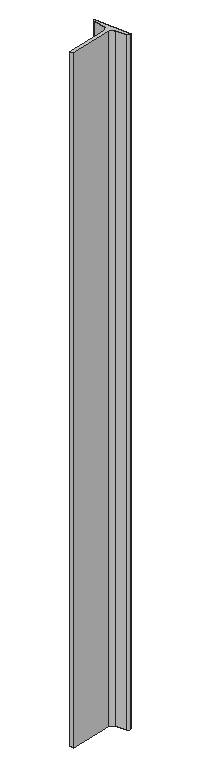
Revit family "9a54da1c4be64ddfbfeb810617ebdb69", category Structural Columns, Revit 2021
Family settings
  Section Shape = I-split Sloped Flange
  Material for Model Behavior = Steel
  Always export as geometry = No
  Beam cutback in plan = From bounding box
  Family Name Key = ST Shapes-Column
  Code Name = AISC 14.1
  OmniClass Number = 23.25.30.11.14.11
  OmniClass Title = Columns
  Seek Item ID = ST-Shapes-Column-0000-USA-ENU
  Cut with Voids When Loaded = No
  Symbolic Representation = From Project Settings
  Shared = No
  Show family pre-cut in plan views = Yes
Parameters (values of type "ST9X35")
  Width = 0' - 6 1/4"
  Web Thickness = 0.71100"
  Web Fillet = 0.69100"
  Warping Constant = 7.03000 in⁶
  Torsional Moment of Inertia = 2.0200 in⁴
  Structural Material [instance] = Steel ASTM A992
  Sloped Flange Angle = 9.46234°
  Section Name Key = ""
  Section Area = 10.30 in²
  Plastic Modulus weak axis = 7.170 in³
  Plastic Modulus strong axis = 25.100 in³
  Nominal Weight = 35.00 lbf/ft
  Moment of Inertia weak axis = 12.0000 in⁴
  Moment of Inertia strong axis = 84.5000 in⁴
  Height = 0' - 9"
  Flange Thickness Location = 1.38475"
  Flange Thickness = 0.69100"
  Flange Fillet = 0.34550"
  Elastic Modulus weak axis = 3.840 in³
  Elastic Modulus strong axis = 14.000 in³
  Centroid Vertical = 0' - 6.06"
  Centroid Horizontal = Width / 2  # 3.12500"
  Bolt Spacing = 0' - 3 1/2"
Types (3): name | Width | Web Thickness | Web Fillet | Warping Constant | Torsional Moment of Inertia | Section Area | Plastic Modulus weak axis | Plastic Modulus strong axis | Nominal Weight | Moment of Inertia weak axis | Moment of Inertia strong axis | Height | Flange Thickness Location | Flange Thickness | Flange Fillet | Elastic Modulus weak axis | Elastic Modulus strong axis | Centroid Vertical | Centroid Horizontal | Bolt Spacing
  (no name) | 0' - 6 1/4" | 0.71100" | 0.69100" | 0.000002354 (stored number, unit not read) | 2.0200 in⁴ | 10.30 in² | 7.170 in³ | 25.100 in³ | 35.00 lbf/ft | 12.0000 in⁴ | 84.5000 in⁴ | 0' - 9" | 1.38475" | 0.69100" | 0.34550" | 3.840 in³ | 14.000 in³ | 0' - 6.06" | 3.12500" | 0' - 3 1/2"
  ST9X35 | 0' - 6 1/4" | 0.71100" | 0.69100" | 7.03000 in⁶ | 2.0200 in⁴ | 10.30 in² | 7.170 in³ | 25.100 in³ | 35.00 lbf/ft | 12.0000 in⁴ | 84.5000 in⁴ | 0' - 9" | 1.38475" | 0.69100" | 0.34550" | 3.840 in³ | 14.000 in³ | 0' - 6.06" | 3.12500" | 0' - 3 1/2"
  ST12X50 | 0' - 7 1/4" | 0.74500" | 0.87000" | 19.50000 in⁶ | 3.7600 in⁴ | 14.70 in² | 12.000 in³ | 47.500 in³ | 50.00 lbf/ft | 23.7000 in⁴ | 215.0000 in⁴ | 1' - 0" | 1.62625" | 0.87000" | 0.43500" | 6.550 in³ | 26.300 in³ | 0' - 8.16" | 3.62500" | 0' - 4"
Reference planes (in)
  plane 1 "Center (Front/Back)": y = 0
  plane 2: z = 0
  plane 3 "Center (Left/Right)": x = 0
  plane 4 "Left": x = -3.125
  plane 5 "Right": x = 3.125
  plane 6 "Back": y = 2.94
  plane 7 "Front": y = -6.06
Forms (in)
  Sweep 1, solid, material "Steel ASTM A992" <- "Structural Material", detail levels fine
    path origin (0, 0, 0) x (1, 0, 0) y (0, 0, 1)
      loop
        line (0, 0) -> (0, 108)
    profile "ST-Shape-Profile-Fine : ST-Shape-Profile-Fine" origin (0, 0, 54) x (-1, 0, 0) y (0, -1, 0)
      loop
        line (-3.125, -2.77247) -> (-3.125, -2.94) -> (3.125, -2.94) -> (3.125, -2.77247)
        arc (3.125, -2.77247) -> (3.04312, -2.54915) -> (2.8363, -2.43168) r 0.3455
        line (2.8363, -2.43168) -> (1.74025, -2.249) -> (0.9329, -2.11444)
        arc (0.9329, -2.11444) -> (0.51925, -1.87949) -> (0.3555, -1.43284) r 0.691
        line (0.3555, -1.43284) -> (0.3555, 6.06) -> (-0.3555, 6.06) -> (-0.3555, -1.43284)
        arc (-0.3555, -1.43284) -> (-0.51925, -1.87949) -> (-0.9329, -2.11444) r 0.691
        line (-0.9329, -2.11444) -> (-1.74025, -2.249) -> (-2.8363, -2.43168)
        arc (-2.8363, -2.43168) -> (-3.04312, -2.54915) -> (-3.125, -2.77247) r 0.3455
  Sweep 2, solid, material "Steel ASTM A992" <- "Structural Material", detail levels medium
    path origin (0, 0, 0) x (1, 0, 0) y (0, 0, 1)
      loop
        line (0, 0) -> (0, 108)
    profile "ST-Shape-Profile-Medium : ST-Shape-Profile-Medium" origin (0, 0, 54) x (-1, 0, 0) y (0, -1, 0)
      loop
        line (-3.125, -2.47979) -> (-3.125, -2.94) -> (3.125, -2.94) -> (3.125, -2.47979) -> (1.74025, -2.249) -> (0.3555, -2.01821) -> (0.3555, 6.06) -> (-0.3555, 6.06) -> (-0.3555, -2.01821) -> (-1.74025, -2.249) -> (-3.125, -2.47979)
Lines and regions (in)
  symbolic lines, style "StructuralColumnStickSymbols", detail levels coarse
    curve 1: line (-3.125, 2.94, 0) -> (3.125, 2.94, 0)
    curve 2: line (0, 2.94, 0) -> (0, -6.06, 0)
  symbolic lines, style "Hidden Faces", detail levels medium+fine
    curve 3: line (-0.3555, 0, 108) -> (-0.3555, 0, 0)
    curve 4: line (0.3555, 0, 108) -> (0.3555, 0, 0)
Dimensions and locks (in)
  equal spacing: plane 4 "Left", plane 3 "Center (Left/Right)", plane 5 "Right"  (x2)
  "Height": plane 7 "Front" to plane 6 "Back"
  "Width": plane 4 "Left" to plane 5 "Right"
  "Centroid Vertical": plane 7 "Front" to plane 1 "Center (Front/Back)"
  aligned and locked: level to plane 2
  aligned and locked: level to Sweep 1 sketch curve  (x2)
  aligned and locked: plane 3 "Center (Left/Right)" to Sweep 1 sketch curve
  aligned and locked: level to Sweep 2 sketch curve  (x2)
  aligned and locked: plane 3 "Center (Left/Right)" to Sweep 2 sketch curve
  aligned and locked: plane 6 "Back" to curve 1
  aligned and locked: plane 4 "Left" to curve 1
  aligned and locked: plane 5 "Right" to curve 1
  aligned and locked: plane 7 "Front" to curve 2
  aligned and locked: curve 2 to plane 3 "Center (Left/Right)"
  aligned and locked: curve 3 to Sweep 2
  aligned and locked: level to curve 3  (x2)
  aligned and locked: curve 4 to Sweep 2
  aligned and locked: level to curve 4  (x2)
